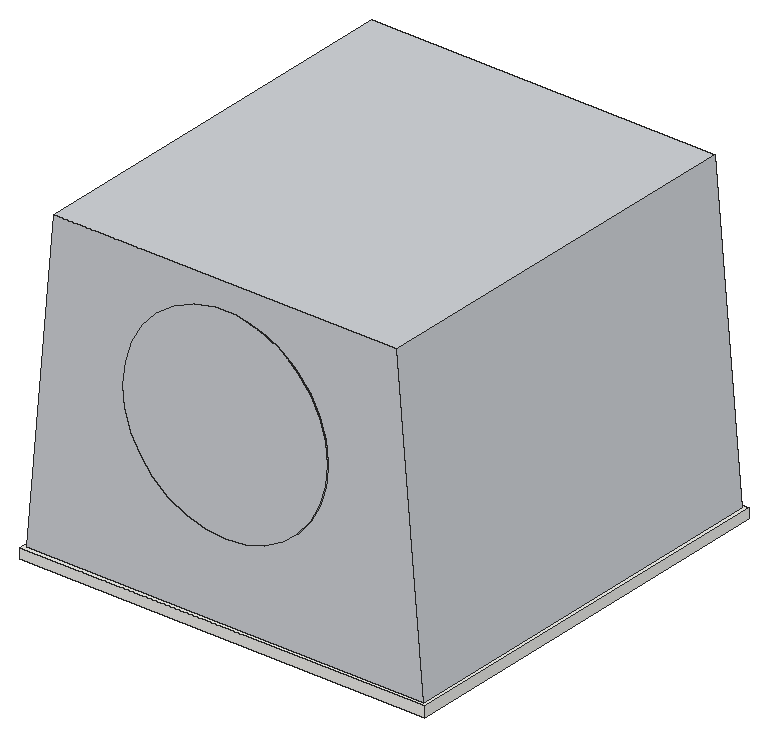
Revit family "MADEL_DIFFUSER_CONCAVE ELEMENTS_NEX-S+(BOXSTAR - BOXSTARS)– (1.D1)_0", category Air Terminals, Revit 2015 (continued)
Lines and regions (mm)
  symbolic lines, style "DuctTerminal", visible <- "V675", not visible
    curve 234: arc (156.385, 325.458, 0) -> (71.36, 317.353, 0) -> (49.895, 400.023, 0) r 65.83
    curve 235: arc (250, 402.418, 0) -> (178.732, 355.345, 0) -> (120.969, 418.261, 0) r 65.83
    curve 236: arc (250, 218.237, 0) -> (164.594, 219.064, 0) -> (151.888, 303.524, 0) r 65.83
    curve 237: line (-86.84, 416.854, 0) -> (-144.898, 404.516, 0)
    curve 238: line (-166.629, 322.175, 0) -> (-215.839, 288.986, 0)
    curve 239: line (-91.415, 238.793, 0) -> (-116.502, 185, 0)
    curve 240: line (-129.68, 375.344, 0) -> (-247.5, 320.404, 0)
    curve 241: line (-34.977, 385.105, 0) -> (-109.542, 278.615, 0)
    curve 242: line (-16.739, 314.031, 0) -> (-32.582, 185, 0)
    curve 243: line (-131.476, 283.112, 0) -> (-216.763, 185, 0)
    curve 244: line (-18.146, 521.84, 0) -> (-30.484, 579.898, 0)
    curve 245: line (-112.825, 601.629, 0) -> (-146.014, 650.839, 0)
    curve 246: line (-196.207, 526.415, 0) -> (-250, 551.502, 0)
    curve 247: line (-59.656, 564.68, 0) -> (-114.596, 682.5, 0)
    curve 248: line (-49.895, 469.977, 0) -> (-156.385, 544.542, 0)
    curve 249: line (-120.969, 451.739, 0) -> (-250, 467.582, 0)
    curve 250: line (-151.888, 566.476, 0) -> (-250, 651.763, 0)
    curve 251: line (86.84, 453.146, 0) -> (144.898, 465.484, 0)
    curve 252: line (166.629, 547.825, 0) -> (215.839, 581.014, 0)
    curve 253: line (91.415, 631.207, 0) -> (116.502, 685, 0)
    curve 254: line (129.68, 494.656, 0) -> (247.5, 549.596, 0)
    curve 255: line (34.977, 484.895, 0) -> (109.542, 591.385, 0)
    curve 256: line (16.739, 555.969, 0) -> (32.582, 685, 0)
    curve 257: line (131.476, 586.888, 0) -> (216.763, 685, 0)
    curve 258: line (18.146, 348.16, 0) -> (30.484, 290.102, 0)
    curve 259: line (112.825, 268.371, 0) -> (146.014, 219.161, 0)
    curve 260: line (196.207, 343.585, 0) -> (250, 318.498, 0)
    curve 261: line (59.656, 305.32, 0) -> (114.596, 187.5, 0)
    curve 262: line (49.895, 400.023, 0) -> (156.385, 325.458, 0)
    curve 263: line (120.969, 418.261, 0) -> (250, 402.418, 0)
    curve 264: line (151.888, 303.524, 0) -> (250, 218.237, 0)
Dimensions and locks
  equal spacing: plane 7, plane 2, plane 6
  "E": plane 7 to plane 6
  locked: plane 1 "Centro (Frontal/Posterior)" to plane 8 at 10
  equal spacing: plane 4, plane 3 "Centro (Izquierda/Derecha)", plane 5
  locked: plane 9 to plane 1 "Centro (Frontal/Posterior)" at 14
  "E": plane 4 to plane 5
  "D": diameter of Extrusion 2 sketch curve
  aligned and locked: Extrusion 1 to plane 8
  aligned and locked: Extrusion 1 to plane 1 "Centro (Frontal/Posterior)"
  aligned and locked: Extrusion 1 sketch curve to plane 4
  aligned and locked: plane 7 to Extrusion 1 sketch curve
  aligned and locked: plane 5 to Extrusion 1 sketch curve
  aligned and locked: Extrusion 1 sketch curve to plane 6
  aligned and locked: plane 1 "Centro (Frontal/Posterior)" to Extrusion 2
  aligned and locked: plane 9 to Extrusion 2
  aligned and locked: plane 3 "Centro (Izquierda/Derecha)" to Extrusion 2 sketch curve
  aligned and locked: plane 2 to Extrusion 2 sketch curve
  aligned and locked: plane 3 "Centro (Izquierda/Derecha)" to nested 1
  aligned and locked: plane 1 "Centro (Frontal/Posterior)" to nested 1
  aligned and locked: plane 3 "Centro (Izquierda/Derecha)" to nested 2
  aligned and locked: plane 2 to nested 2
  aligned and locked: nested 2 to plane 8
Automatic sketch dimensions
  curve 145 to curve 190 = 85.0 mm
  curve 194 to curve 162 = 0.0 mm
  curve 193 to curve 162 = 0.0 mm
  curve 193 to curve 184 = 2.5 mm
  curve 162 to curve 162 = 25.043 mm
  curve 156 to curve 187 = 30.737 mm
  curve 156 to curve 182 = 31.661 mm
  curve 162 to curve 166 = 42.218 mm
  curve 162 to curve 190 = 28.75 mm
  curve 154 to curve 154 = 27.057 mm
  curve 193 to curve 165 = 63.245 mm
  curve 154 to curve 156 = 4.597 mm
  curve 156 to curve 182 = 17.556 mm
  curve 187 to curve 159 = 50.51 mm
  curve 162 to curve 192 = 39.822 mm
  curve 164 to curve 194 = 4.498 mm
  curve 166 to curve 189 = 61.768 mm
  curve 165 to curve 181 = 41.856 mm
  curve 161 to curve 161 = 12.958 mm
  curve 182 to curve 187 = 35.153 mm
  curve 153 to curve 184 = 15.218 mm
  curve 181 to curve 193 = 23.929 mm
  curve 159 to curve 183 = 49.751 mm
  curve 153 to curve 153 = 29.941 mm
  curve 189 to curve 191 = 31.418 mm
  curve 161 to curve 189 = 20.23 mm
  curve 187 to curve 185 = 21.934 mm
  curve 165 to curve 164 = 11.85 mm
  curve 155 to curve 155 = 16.518 mm
  curve 161 to curve 163 = 16.253 mm
  curve 155 to curve 183 = 8.569 mm
  curve 153 to curve 181 = 28.118 mm
  curve 185 to curve 157 = 45.821 mm
  curve 161 to curve 191 = 53.17 mm
  curve 153 to curve 192 = 36.944 mm
  curve 181 to curve 185 = 51.862 mm
  curve 155 to curve 186 = 67.402 mm
  curve 163 to curve 188 = 29.172 mm
  curve 160 to curve 160 = 1.879 mm
  curve 160 to curve 188 = 10.459 mm
  curve 157 to curve 186 = 46.982 mm
  curve 158 to curve 158 = 18.267 mm
  curve 160 to curve 172 = 44.799 mm
  curve 160 to curve 200 = 45.344 mm
  curve 186 to curve 202 = 34.885 mm
  curve 174 to curve 174 = 10.459 mm
  curve 174 to curve 202 = 1.879 mm
  curve 172 to curve 200 = 18.267 mm
  curve 160 to curve 199 = 53.123 mm
  curve 202 to curve 206 = 31.75 mm
  curve 174 to curve 205 = 29.172 mm
  curve 172 to curve 171 = 46.982 mm
  curve 171 to curve 195 = 51.862 mm
  curve 172 to curve 197 = 77.1 mm
  curve 177 to curve 177 = 36.917 mm
  curve 197 to curve 169 = 8.569 mm
  curve 178 to curve 178 = 59.224 mm
  curve 169 to curve 199 = 18.127 mm
  curve 177 to curve 203 = 16.253 mm
  curve 177 to curve 205 = 18.023 mm
  curve 195 to curve 167 = 28.118 mm
  curve 169 to curve 197 = 16.518 mm
  curve 167 to curve 207 = 6.012 mm
  curve 167 to curve 198 = 14.723 mm
  curve 171 to curve 201 = 21.934 mm
  curve 175 to curve 175 = 20.23 mm
  curve 167 to curve 195 = 29.941 mm
  curve 175 to curve 203 = 12.958 mm
  curve 203 to curve 208 = 39.062 mm
  curve 208 to curve 206 = 4.498 mm
  curve 169 to curve 173 = 49.751 mm
  curve 173 to curve 196 = 35.153 mm
  curve 168 to curve 170 = 17.556 mm
  curve 167 to curve 179 = 41.856 mm
  curve 196 to curve 168 = 22.152 mm
  curve 178 to curve 204 = 39.822 mm
  curve 180 to curve 180 = 55.895 mm
  curve 168 to curve 196 = 27.057 mm
  curve 173 to curve 201 = 50.51 mm
  curve 204 to curve 176 = 28.75 mm
  curve 168 to curve 198 = 31.661 mm
  curve 176 to curve 204 = 25.043 mm
  curve 179 to curve 207 = 63.245 mm
  curve 180 to curve 208 = 42.218 mm
  curve 173 to curve 148 = 118.237 mm
  curve 146 to curve 187 = 85.0 mm
  curve 159 to curve 186 = 0.0 mm
  curve 183 to curve 186 = 0.0 mm
  curve 158 to curve 205 = 2.5 mm
  curve 155 to curve 155 = 25.043 mm
  curve 177 to curve 208 = 30.737 mm
  curve 177 to curve 203 = 31.661 mm
  curve 183 to curve 159 = 42.218 mm
  curve 175 to curve 175 = 27.057 mm
  curve 158 to curve 158 = 63.245 mm
  curve 177 to curve 175 = 17.556 mm
  curve 208 to curve 180 = 50.51 mm
  curve 185 to curve 187 = 4.498 mm
  curve 159 to curve 182 = 61.768 mm
  curve 202 to curve 177 = 15.218 mm
  curve 154 to curve 154 = 12.958 mm
  curve 180 to curve 204 = 49.751 mm
  curve 174 to curve 174 = 29.941 mm
  curve 182 to curve 184 = 31.418 mm
  curve 208 to curve 206 = 21.934 mm
  curve 158 to curve 157 = 11.85 mm
  curve 204 to curve 176 = 16.518 mm
  curve 154 to curve 156 = 16.253 mm
  curve 206 to curve 178 = 45.821 mm
  curve 176 to curve 207 = 67.402 mm
  curve 156 to curve 181 = 29.172 mm
  curve 153 to curve 153 = 1.879 mm
  curve 178 to curve 207 = 46.982 mm
  curve 181 to curve 165 = 44.799 mm
  curve 153 to curve 193 = 45.344 mm
  curve 207 to curve 195 = 34.885 mm
  curve 195 to curve 167 = 10.459 mm
  curve 153 to curve 192 = 53.123 mm
  curve 195 to curve 199 = 31.75 mm
  curve 195 to curve 198 = 29.172 mm
  curve 165 to curve 164 = 46.982 mm
  curve 164 to curve 188 = 51.862 mm
  curve 190 to curve 192 = 18.127 mm
  curve 198 to curve 170 = 36.917 mm
  curve 190 to curve 162 = 8.569 mm
  curve 199 to curve 171 = 59.224 mm
  curve 170 to curve 196 = 16.253 mm
  curve 188 to curve 160 = 28.118 mm
  curve 160 to curve 200 = 6.012 mm
  curve 191 to curve 188 = 15.218 mm
  curve 164 to curve 194 = 21.934 mm
  curve 196 to curve 168 = 20.23 mm
  curve 201 to curve 171 = 4.498 mm
  curve 162 to curve 166 = 49.751 mm
  curve 166 to curve 189 = 35.153 mm
  curve 161 to curve 163 = 17.556 mm
  curve 160 to curve 172 = 41.856 mm
  curve 189 to curve 161 = 22.152 mm
  curve 199 to curve 197 = 39.822 mm
  curve 201 to curve 173 = 55.895 mm
  curve 197 to curve 169 = 28.75 mm
  curve 173 to curve 145 = 85.0 mm
  curve 149 to curve 246 = 85.0 mm
  curve 250 to curve 218 = 0.0 mm
  curve 249 to curve 218 = 0.0 mm
  curve 249 to curve 240 = 2.5 mm
  curve 218 to curve 218 = 25.043 mm
  curve 212 to curve 243 = 30.737 mm
  curve 212 to curve 238 = 31.661 mm
  curve 218 to curve 222 = 42.218 mm
  curve 218 to curve 246 = 28.75 mm
  curve 210 to curve 210 = 27.057 mm
  curve 249 to curve 221 = 63.245 mm
  curve 210 to curve 212 = 4.597 mm
  curve 212 to curve 238 = 17.556 mm
  curve 243 to curve 215 = 50.51 mm
  curve 218 to curve 248 = 39.822 mm
  curve 220 to curve 250 = 4.498 mm
  curve 222 to curve 245 = 61.768 mm
  curve 221 to curve 237 = 41.856 mm
  curve 217 to curve 217 = 12.958 mm
  curve 238 to curve 243 = 35.153 mm
  curve 209 to curve 240 = 15.218 mm
  curve 237 to curve 249 = 23.929 mm
  curve 215 to curve 239 = 49.751 mm
  curve 209 to curve 209 = 29.941 mm
  curve 245 to curve 247 = 31.418 mm
  curve 217 to curve 245 = 20.23 mm
  curve 243 to curve 241 = 21.934 mm
  curve 221 to curve 220 = 11.85 mm
  curve 211 to curve 211 = 16.518 mm
  curve 217 to curve 219 = 16.253 mm
  curve 211 to curve 239 = 8.569 mm
  curve 209 to curve 237 = 28.118 mm
  curve 241 to curve 213 = 45.821 mm
  curve 217 to curve 247 = 53.17 mm
  curve 209 to curve 248 = 36.944 mm
  curve 237 to curve 241 = 51.862 mm
  curve 211 to curve 242 = 67.402 mm
  curve 219 to curve 244 = 29.172 mm
  curve 216 to curve 216 = 1.879 mm
  curve 216 to curve 244 = 10.459 mm
  curve 213 to curve 242 = 46.982 mm
  curve 214 to curve 214 = 18.267 mm
  curve 216 to curve 228 = 44.799 mm
  curve 216 to curve 256 = 45.344 mm
  curve 242 to curve 258 = 34.885 mm
  curve 230 to curve 230 = 10.459 mm
  curve 230 to curve 258 = 1.879 mm
  curve 228 to curve 256 = 18.267 mm
  curve 216 to curve 255 = 53.123 mm
  curve 258 to curve 262 = 31.75 mm
  curve 230 to curve 261 = 29.172 mm
  curve 228 to curve 227 = 46.982 mm
  curve 227 to curve 251 = 51.862 mm
  curve 228 to curve 253 = 77.1 mm
  curve 233 to curve 233 = 36.917 mm
  curve 253 to curve 225 = 8.569 mm
  curve 234 to curve 234 = 59.224 mm
  curve 225 to curve 255 = 18.127 mm
  curve 233 to curve 259 = 16.253 mm
  curve 233 to curve 261 = 18.023 mm
  curve 251 to curve 223 = 28.118 mm
  curve 225 to curve 253 = 16.518 mm
  curve 223 to curve 263 = 6.012 mm
  curve 223 to curve 254 = 14.723 mm
  curve 227 to curve 257 = 21.934 mm
  curve 231 to curve 231 = 20.23 mm
  curve 223 to curve 251 = 29.941 mm
  curve 231 to curve 259 = 12.958 mm
  curve 259 to curve 264 = 39.062 mm
  curve 264 to curve 262 = 4.498 mm
  curve 225 to curve 229 = 49.751 mm
  curve 229 to curve 252 = 35.153 mm
  curve 224 to curve 226 = 17.556 mm
  curve 223 to curve 235 = 41.856 mm
  curve 252 to curve 224 = 22.152 mm
  curve 234 to curve 260 = 39.822 mm
  curve 236 to curve 236 = 55.895 mm
  curve 224 to curve 252 = 27.057 mm
  curve 229 to curve 257 = 50.51 mm
  curve 260 to curve 232 = 28.75 mm
  curve 224 to curve 254 = 31.661 mm
  curve 232 to curve 260 = 25.043 mm
  curve 235 to curve 263 = 63.245 mm
  curve 236 to curve 264 = 42.218 mm
  curve 229 to curve 152 = 118.237 mm
  curve 150 to curve 243 = 85.0 mm
  curve 215 to curve 242 = 0.0 mm
  curve 239 to curve 242 = 0.0 mm
  curve 214 to curve 261 = 2.5 mm
  curve 211 to curve 211 = 25.043 mm
  curve 233 to curve 264 = 30.737 mm
  curve 233 to curve 259 = 31.661 mm
  curve 239 to curve 215 = 42.218 mm
  curve 231 to curve 231 = 27.057 mm
  curve 214 to curve 214 = 63.245 mm
  curve 233 to curve 231 = 17.556 mm
  curve 264 to curve 236 = 50.51 mm
  curve 241 to curve 243 = 4.498 mm
  curve 215 to curve 238 = 61.768 mm
  curve 258 to curve 233 = 15.218 mm
  curve 210 to curve 210 = 12.958 mm
  curve 236 to curve 260 = 49.751 mm
  curve 230 to curve 230 = 29.941 mm
  curve 238 to curve 240 = 31.418 mm
  curve 264 to curve 262 = 21.934 mm
  curve 214 to curve 213 = 11.85 mm
  curve 260 to curve 232 = 16.518 mm
  curve 210 to curve 212 = 16.253 mm
  curve 262 to curve 234 = 45.821 mm
  curve 232 to curve 263 = 67.402 mm
  curve 212 to curve 237 = 29.172 mm
  curve 209 to curve 209 = 1.879 mm
  curve 234 to curve 263 = 46.982 mm
  curve 237 to curve 221 = 44.799 mm
  curve 209 to curve 249 = 45.344 mm
  curve 263 to curve 251 = 34.885 mm
  curve 251 to curve 223 = 10.459 mm
  curve 209 to curve 248 = 53.123 mm
  curve 251 to curve 255 = 31.75 mm
  curve 251 to curve 254 = 29.172 mm
  curve 221 to curve 220 = 46.982 mm
  curve 220 to curve 244 = 51.862 mm
  curve 246 to curve 248 = 18.127 mm
  curve 254 to curve 226 = 36.917 mm
  curve 246 to curve 218 = 8.569 mm
  curve 255 to curve 227 = 59.224 mm
  curve 226 to curve 252 = 16.253 mm
  curve 244 to curve 216 = 28.118 mm
  curve 216 to curve 256 = 6.012 mm
  curve 247 to curve 244 = 15.218 mm
  curve 220 to curve 250 = 21.934 mm
  curve 252 to curve 224 = 20.23 mm
  curve 257 to curve 227 = 4.498 mm
  curve 218 to curve 222 = 49.751 mm
  curve 222 to curve 245 = 35.153 mm
  curve 217 to curve 219 = 17.556 mm
  curve 216 to curve 228 = 41.856 mm
  curve 245 to curve 217 = 22.152 mm
  curve 255 to curve 253 = 39.822 mm
  curve 257 to curve 229 = 55.895 mm
  curve 253 to curve 225 = 28.75 mm
  curve 229 to curve 149 = 85.0 mm
  curve 137 to curve 302 = 60.0 mm
  curve 306 to curve 302 = 0.0 mm
  curve 305 to curve 274 = 0.0 mm
  curve 305 to curve 296 = 2.5 mm
  curve 302 to curve 274 = 25.043 mm
  curve 138 to curve 299 = 93.237 mm
  curve 268 to curve 294 = 31.661 mm
  curve 302 to curve 278 = 42.218 mm
  curve 274 to curve 302 = 28.75 mm
  curve 294 to curve 266 = 27.057 mm
  curve 277 to curve 277 = 63.245 mm
  curve 266 to curve 268 = 4.597 mm
  curve 268 to curve 294 = 17.556 mm
  curve 271 to curve 271 = 50.51 mm
  curve 274 to curve 304 = 39.822 mm
  curve 276 to curve 306 = 4.498 mm
  curve 278 to curve 301 = 61.768 mm
  curve 277 to curve 293 = 41.856 mm
  curve 301 to curve 273 = 12.958 mm
  curve 294 to curve 299 = 35.153 mm
  curve 265 to curve 296 = 15.218 mm
  curve 293 to curve 305 = 23.929 mm
  curve 271 to curve 295 = 49.751 mm
  curve 265 to curve 265 = 29.941 mm
  curve 301 to curve 303 = 31.418 mm
  curve 273 to curve 301 = 20.23 mm
  curve 299 to curve 297 = 21.934 mm
  curve 305 to curve 276 = 11.85 mm
  curve 267 to curve 267 = 16.518 mm
  curve 273 to curve 275 = 16.253 mm
  curve 267 to curve 295 = 8.569 mm
  curve 265 to curve 293 = 28.118 mm
  curve 269 to curve 269 = 45.821 mm
  curve 273 to curve 303 = 53.17 mm
  curve 265 to curve 304 = 36.944 mm
  curve 293 to curve 297 = 51.862 mm
  curve 267 to curve 298 = 67.402 mm
  curve 275 to curve 300 = 29.172 mm
  curve 272 to curve 272 = 1.879 mm
  curve 272 to curve 300 = 10.459 mm
  curve 269 to curve 298 = 46.982 mm
  curve 270 to curve 270 = 18.267 mm
  curve 272 to curve 284 = 44.799 mm
  curve 272 to curve 312 = 45.344 mm
  curve 298 to curve 314 = 34.885 mm
  curve 314 to curve 286 = 10.459 mm
  curve 286 to curve 314 = 1.879 mm
  curve 284 to curve 312 = 18.267 mm
  curve 272 to curve 311 = 53.123 mm
  curve 314 to curve 318 = 31.75 mm
  curve 286 to curve 317 = 29.172 mm
  curve 284 to curve 283 = 46.982 mm
  curve 283 to curve 307 = 51.862 mm
  curve 284 to curve 309 = 77.1 mm
  curve 289 to curve 289 = 36.917 mm
  curve 309 to curve 281 = 8.569 mm
  curve 290 to curve 290 = 59.224 mm
  curve 281 to curve 311 = 18.127 mm
  curve 289 to curve 315 = 16.253 mm
  curve 289 to curve 317 = 18.023 mm
  curve 307 to curve 279 = 28.118 mm
  curve 281 to curve 309 = 16.518 mm
  curve 279 to curve 319 = 6.012 mm
  curve 279 to curve 310 = 14.723 mm
  curve 283 to curve 313 = 21.934 mm
  curve 315 to curve 287 = 20.23 mm
  curve 279 to curve 307 = 29.941 mm
  curve 287 to curve 315 = 12.958 mm
  curve 315 to curve 320 = 39.062 mm
  curve 320 to curve 318 = 4.498 mm
  curve 281 to curve 285 = 49.751 mm
  curve 285 to curve 308 = 35.153 mm
  curve 280 to curve 282 = 17.556 mm
  curve 279 to curve 291 = 41.856 mm
  curve 308 to curve 280 = 22.152 mm
  curve 290 to curve 316 = 39.822 mm
  curve 292 to curve 292 = 55.895 mm
  curve 280 to curve 308 = 27.057 mm
  curve 285 to curve 313 = 50.51 mm
  curve 316 to curve 288 = 28.75 mm
  curve 280 to curve 310 = 31.661 mm
  curve 288 to curve 316 = 25.043 mm
  curve 291 to curve 319 = 63.245 mm
  curve 292 to curve 320 = 42.218 mm
  curve 313 to curve 140 = 93.237 mm
  curve 138 to curve 299 = 60.0 mm
  curve 271 to curve 298 = 0.0 mm
  curve 295 to curve 298 = 0.0 mm
  curve 270 to curve 317 = 2.5 mm
  curve 267 to curve 267 = 25.043 mm
  curve 140 to curve 320 = 93.237 mm
  curve 289 to curve 315 = 31.661 mm
  curve 295 to curve 271 = 42.218 mm
  curve 315 to curve 287 = 27.057 mm
  curve 270 to curve 270 = 63.245 mm
  curve 289 to curve 287 = 17.556 mm
  curve 320 to curve 292 = 50.51 mm
  curve 297 to curve 299 = 4.498 mm
  curve 271 to curve 294 = 61.768 mm
  curve 314 to curve 289 = 15.218 mm
  curve 294 to curve 266 = 12.958 mm
  curve 292 to curve 316 = 49.751 mm
  curve 286 to curve 286 = 29.941 mm
  curve 294 to curve 296 = 31.418 mm
  curve 320 to curve 318 = 21.934 mm
  curve 270 to curve 269 = 11.85 mm
  curve 316 to curve 288 = 16.518 mm
  curve 266 to curve 268 = 16.253 mm
  curve 290 to curve 290 = 45.821 mm
  curve 288 to curve 319 = 67.402 mm
  curve 268 to curve 293 = 29.172 mm
  curve 265 to curve 265 = 1.879 mm
  curve 290 to curve 319 = 46.982 mm
  curve 293 to curve 277 = 44.799 mm
  curve 265 to curve 305 = 45.344 mm
  curve 319 to curve 307 = 34.885 mm
  curve 307 to curve 279 = 10.459 mm
  curve 265 to curve 304 = 53.123 mm
  curve 307 to curve 311 = 31.75 mm
  curve 307 to curve 310 = 29.172 mm
  curve 305 to curve 276 = 46.982 mm
  curve 276 to curve 300 = 51.862 mm
  curve 302 to curve 304 = 18.127 mm
  curve 310 to curve 282 = 36.917 mm
  curve 302 to curve 274 = 8.569 mm
  curve 311 to curve 283 = 59.224 mm
  curve 282 to curve 308 = 16.253 mm
  curve 300 to curve 272 = 28.118 mm
  curve 272 to curve 312 = 6.012 mm
  curve 303 to curve 300 = 15.218 mm
  curve 276 to curve 306 = 21.934 mm
  curve 308 to curve 280 = 20.23 mm
  curve 313 to curve 283 = 4.498 mm
  curve 302 to curve 278 = 49.751 mm
  curve 278 to curve 301 = 35.153 mm
  curve 273 to curve 275 = 17.556 mm
  curve 272 to curve 284 = 41.856 mm
  curve 273 to curve 273 = 22.152 mm
  curve 311 to curve 309 = 39.822 mm
  curve 313 to curve 285 = 55.895 mm
  curve 309 to curve 281 = 28.75 mm
  curve 313 to curve 137 = 60.0 mm
  curve 141 to curve 358 = 60.0 mm
  curve 362 to curve 358 = 0.0 mm
  curve 361 to curve 330 = 0.0 mm
  curve 361 to curve 352 = 2.5 mm
  curve 358 to curve 330 = 25.043 mm
  curve 142 to curve 355 = 93.237 mm
  curve 324 to curve 350 = 31.661 mm
  curve 358 to curve 334 = 42.218 mm
  curve 330 to curve 358 = 28.75 mm
  curve 350 to curve 322 = 27.057 mm
  curve 333 to curve 333 = 63.245 mm
  curve 322 to curve 324 = 4.597 mm
  curve 324 to curve 350 = 17.556 mm
  curve 327 to curve 327 = 50.51 mm
  curve 330 to curve 360 = 39.822 mm
  curve 332 to curve 362 = 4.498 mm
  curve 334 to curve 357 = 61.768 mm
  curve 333 to curve 349 = 41.856 mm
  curve 357 to curve 329 = 12.958 mm
  curve 350 to curve 355 = 35.153 mm
  curve 321 to curve 352 = 15.218 mm
  curve 349 to curve 361 = 23.929 mm
  curve 327 to curve 351 = 49.751 mm
  curve 321 to curve 321 = 29.941 mm
  curve 357 to curve 359 = 31.418 mm
  curve 329 to curve 357 = 20.23 mm
  curve 355 to curve 353 = 21.934 mm
  curve 361 to curve 332 = 11.85 mm
  curve 323 to curve 323 = 16.518 mm
  curve 329 to curve 331 = 16.253 mm
  curve 323 to curve 351 = 8.569 mm
  curve 321 to curve 349 = 28.118 mm
  curve 325 to curve 325 = 45.821 mm
  curve 329 to curve 359 = 53.17 mm
  curve 321 to curve 360 = 36.944 mm
  curve 349 to curve 353 = 51.862 mm
  curve 323 to curve 354 = 67.402 mm
  curve 331 to curve 356 = 29.172 mm
  curve 328 to curve 328 = 1.879 mm
  curve 328 to curve 356 = 10.459 mm
  curve 325 to curve 354 = 46.982 mm
  curve 326 to curve 326 = 18.267 mm
  curve 328 to curve 340 = 44.799 mm
  curve 328 to curve 368 = 45.344 mm
  curve 354 to curve 370 = 34.885 mm
  curve 370 to curve 342 = 10.459 mm
  curve 342 to curve 370 = 1.879 mm
  curve 340 to curve 368 = 18.267 mm
  curve 328 to curve 367 = 53.123 mm
  curve 370 to curve 374 = 31.75 mm
  curve 342 to curve 373 = 29.172 mm
  curve 340 to curve 339 = 46.982 mm
  curve 339 to curve 363 = 51.862 mm
  curve 340 to curve 365 = 77.1 mm
  curve 345 to curve 345 = 36.917 mm
  curve 365 to curve 337 = 8.569 mm
  curve 346 to curve 346 = 59.224 mm
  curve 337 to curve 367 = 18.127 mm
  curve 345 to curve 371 = 16.253 mm
  curve 345 to curve 373 = 18.023 mm
  curve 363 to curve 335 = 28.118 mm
  curve 337 to curve 365 = 16.518 mm
  curve 335 to curve 375 = 6.012 mm
  curve 335 to curve 366 = 14.723 mm
  curve 339 to curve 369 = 21.934 mm
  curve 371 to curve 343 = 20.23 mm
  curve 335 to curve 363 = 29.941 mm
  curve 343 to curve 371 = 12.958 mm
  curve 371 to curve 376 = 39.062 mm
  curve 376 to curve 374 = 4.498 mm
  curve 337 to curve 341 = 49.751 mm
  curve 341 to curve 364 = 35.153 mm
  curve 336 to curve 338 = 17.556 mm
  curve 335 to curve 347 = 41.856 mm
  curve 364 to curve 336 = 22.152 mm
  curve 346 to curve 372 = 39.822 mm
  curve 348 to curve 348 = 55.895 mm
  curve 336 to curve 364 = 27.057 mm
  curve 341 to curve 369 = 50.51 mm
  curve 372 to curve 344 = 28.75 mm
  curve 336 to curve 366 = 31.661 mm
  curve 344 to curve 372 = 25.043 mm
  curve 347 to curve 375 = 63.245 mm
  curve 348 to curve 376 = 42.218 mm
  curve 369 to curve 144 = 93.237 mm
  curve 142 to curve 355 = 60.0 mm
  curve 327 to curve 354 = 0.0 mm
  curve 351 to curve 354 = 0.0 mm
  curve 326 to curve 373 = 2.5 mm
  curve 323 to curve 323 = 25.043 mm
  curve 144 to curve 376 = 93.237 mm
  curve 345 to curve 371 = 31.661 mm
  curve 351 to curve 327 = 42.218 mm
  curve 371 to curve 343 = 27.057 mm
  curve 326 to curve 326 = 63.245 mm
  curve 345 to curve 343 = 17.556 mm
  curve 376 to curve 348 = 50.51 mm
  curve 353 to curve 355 = 4.498 mm
  curve 327 to curve 350 = 61.768 mm
  curve 370 to curve 345 = 15.218 mm
  curve 350 to curve 322 = 12.958 mm
  curve 348 to curve 372 = 49.751 mm
  curve 342 to curve 342 = 29.941 mm
  curve 350 to curve 352 = 31.418 mm
  curve 376 to curve 374 = 21.934 mm
  curve 326 to curve 325 = 11.85 mm
  curve 372 to curve 344 = 16.518 mm
  curve 322 to curve 324 = 16.253 mm
  curve 346 to curve 346 = 45.821 mm
  curve 344 to curve 375 = 67.402 mm
  curve 324 to curve 349 = 29.172 mm
  curve 321 to curve 321 = 1.879 mm
  curve 346 to curve 375 = 46.982 mm
  curve 349 to curve 333 = 44.799 mm
  curve 321 to curve 361 = 45.344 mm
  curve 375 to curve 363 = 34.885 mm
  curve 363 to curve 335 = 10.459 mm
  curve 321 to curve 360 = 53.123 mm
  curve 363 to curve 367 = 31.75 mm
  curve 363 to curve 366 = 29.172 mm
  curve 361 to curve 332 = 46.982 mm
  curve 332 to curve 356 = 51.862 mm
  curve 358 to curve 360 = 18.127 mm
  curve 366 to curve 338 = 36.917 mm
  curve 358 to curve 330 = 8.569 mm
  curve 367 to curve 339 = 59.224 mm
  curve 338 to curve 364 = 16.253 mm
  curve 356 to curve 328 = 28.118 mm
  curve 328 to curve 368 = 6.012 mm
  curve 359 to curve 356 = 15.218 mm
  curve 332 to curve 362 = 21.934 mm
  curve 364 to curve 336 = 20.23 mm
  curve 369 to curve 339 = 4.498 mm
  curve 358 to curve 334 = 49.751 mm
  curve 334 to curve 357 = 35.153 mm
  curve 329 to curve 331 = 17.556 mm
  curve 328 to curve 340 = 41.856 mm
  curve 329 to curve 329 = 22.152 mm
  curve 367 to curve 365 = 39.822 mm
  curve 369 to curve 341 = 55.895 mm
  curve 365 to curve 337 = 28.75 mm
  curve 369 to curve 141 = 60.0 mm
  curve 10 to curve 405 = 24.947 mm
  curve 9 to curve 414 = 25.886 mm
  curve 387 to curve 417 = 1.359 mm
  curve 387 to curve 387 = 20.341 mm
  curve 390 to curve 415 = 23.79 mm
  curve 405 to curve 378 = 29.991 mm
  curve 10 to curve 406 = 55.916 mm
  curve 379 to curve 407 = 12.373 mm
  curve 387 to curve 414 = 25.85 mm
  curve 406 to curve 409 = 23.393 mm
  curve 388 to curve 388 = 29.03 mm
  curve 406 to curve 379 = 25.609 mm
  curve 378 to curve 405 = 28.499 mm
  curve 388 to curve 390 = 4.806 mm
  curve 387 to curve 413 = 17.664 mm
  curve 407 to curve 380 = 22.051 mm
  curve 379 to curve 406 = 19.995 mm
  curve 413 to curve 386 = 15.626 mm
  curve 380 to curve 407 = 15.225 mm
  curve 388 to curve 415 = 29.978 mm
  curve 386 to curve 413 = 22.365 mm
  curve 406 to curve 382 = 39.128 mm
  curve 386 to curve 416 = 21.252 mm
  curve 415 to curve 417 = 39.517 mm
  curve 390 to curve 411 = 13.437 mm
  curve 407 to curve 410 = 62.379 mm
  curve 386 to curve 389 = 45.154 mm
  curve 384 to curve 384 = 23.893 mm
  curve 384 to curve 409 = 4.545 mm
  curve 383 to curve 383 = 31.825 mm
  curve 409 to curve 404 = 10.644 mm
  curve 377 to curve 410 = 9.9 mm
  curve 416 to curve 412 = 63.321 mm
  curve 385 to curve 385 = 0.728 mm
  curve 384 to curve 416 = 27.879 mm
  curve 384 to curve 411 = 28.119 mm
  curve 404 to curve 377 = 18.142 mm
  curve 385 to curve 412 = 9.372 mm
  curve 383 to curve 408 = 25.746 mm
  curve 377 to curve 404 = 10.455 mm
  curve 383 to curve 408 = 32.159 mm
  curve 381 to curve 381 = 1.153 mm
  curve 385 to curve 395 = 39.513 mm
  curve 395 to curve 422 = 1.153 mm
  curve 384 to curve 418 = 49.313 mm
  curve 395 to curve 422 = 7.567 mm
  curve 381 to curve 426 = 39.513 mm
  curve 418 to curve 391 = 10.455 mm
  curve 391 to curve 425 = 15.667 mm
  curve 398 to curve 430 = 0.24 mm
  curve 399 to curve 399 = 9.372 mm
  curve 399 to curve 426 = 0.728 mm
  curve 391 to curve 424 = 8.242 mm
  curve 397 to curve 418 = 9.9 mm
  curve 395 to curve 397 = 33.312 mm
  curve 391 to curve 423 = 39.241 mm
  curve 425 to curve 398 = 28.119 mm
  curve 403 to curve 403 = 41.883 mm
  curve 422 to curve 424 = 57.571 mm
  curve 398 to curve 425 = 23.893 mm
  curve 398 to curve 431 = 13.437 mm
  curve 403 to curve 430 = 23.902 mm
  curve 391 to curve 396 = 61.432 mm
  curve 403 to curve 427 = 21.252 mm
  curve 431 to curve 429 = 39.517 mm
  curve 397 to curve 421 = 62.379 mm
  curve 427 to curve 400 = 22.365 mm
  curve 394 to curve 420 = 4.045 mm
  curve 421 to curve 394 = 15.225 mm
  curve 400 to curve 427 = 15.626 mm
  curve 402 to curve 432 = 25.171 mm
  curve 429 to curve 419 = 26.607 mm
  curve 420 to curve 393 = 19.995 mm
  curve 402 to curve 402 = 29.978 mm
  curve 393 to curve 423 = 22.21 mm
  curve 400 to curve 428 = 33.291 mm
  curve 394 to curve 421 = 22.051 mm
  curve 393 to curve 420 = 25.609 mm
  curve 419 to curve 392 = 28.499 mm
  curve 402 to curve 429 = 29.03 mm
  curve 428 to curve 401 = 25.85 mm
  curve 429 to curve 431 = 23.79 mm
  curve 401 to curve 428 = 20.341 mm
  curve 392 to curve 419 = 29.991 mm
  curve 394 to curve 12 = 68.289 mm
  curve 11 to curve 426 = 24.947 mm
  curve 10 to curve 407 = 25.886 mm
  curve 380 to curve 410 = 1.359 mm
  curve 380 to curve 380 = 20.341 mm
  curve 383 to curve 408 = 23.79 mm
  curve 399 to curve 399 = 29.991 mm
  curve 12 to curve 427 = 55.916 mm
  curve 400 to curve 428 = 12.373 mm
  curve 427 to curve 430 = 23.393 mm
  curve 408 to curve 381 = 29.03 mm
  curve 427 to curve 400 = 25.609 mm
  curve 381 to curve 383 = 4.806 mm
  curve 380 to curve 406 = 17.664 mm
  curve 428 to curve 401 = 22.051 mm
  curve 406 to curve 379 = 15.626 mm
  curve 400 to curve 403 = 39.128 mm
  curve 379 to curve 409 = 21.252 mm
  curve 383 to curve 404 = 13.437 mm
  curve 428 to curve 431 = 62.379 mm
  curve 406 to curve 382 = 45.154 mm
  curve 404 to curve 377 = 23.893 mm
  curve 432 to curve 432 = 31.825 mm
  curve 425 to curve 432 = 9.9 mm
  curve 409 to curve 405 = 63.321 mm
  curve 405 to curve 378 = 0.728 mm
  curve 398 to curve 398 = 18.142 mm
  curve 432 to curve 429 = 25.746 mm
  curve 432 to curve 429 = 32.159 mm
  curve 378 to curve 388 = 39.513 mm
  curve 388 to curve 415 = 1.153 mm
  curve 377 to curve 411 = 49.313 mm
  curve 402 to curve 419 = 39.513 mm
  curve 411 to curve 384 = 10.455 mm
  curve 425 to curve 418 = 49.313 mm
  curve 391 to curve 423 = 0.24 mm
  curve 419 to curve 392 = 9.372 mm
  curve 417 to curve 384 = 9.9 mm
  curve 388 to curve 390 = 33.312 mm
  curve 384 to curve 416 = 39.241 mm
  curve 418 to curve 391 = 28.119 mm
  curve 396 to curve 391 = 9.889 mm
  curve 418 to curve 424 = 13.437 mm
  curve 411 to curve 389 = 61.432 mm
  curve 396 to curve 420 = 21.252 mm
  curve 424 to curve 422 = 39.517 mm
  curve 390 to curve 414 = 62.379 mm
  curve 420 to curve 393 = 22.365 mm
  curve 413 to curve 389 = 22.21 mm
  curve 414 to curve 387 = 15.225 mm
  curve 395 to curve 397 = 25.171 mm
  curve 422 to curve 412 = 26.607 mm
  curve 413 to curve 386 = 19.995 mm
  curve 395 to curve 395 = 29.978 mm
  curve 393 to curve 421 = 33.291 mm
  curve 412 to curve 385 = 28.499 mm
  curve 421 to curve 394 = 25.85 mm
  curve 387 to curve 10 = 68.289 mm
  curve 14 to curve 461 = 24.947 mm
  curve 13 to curve 470 = 25.886 mm
  curve 443 to curve 473 = 1.359 mm
  curve 443 to curve 443 = 20.341 mm
  curve 446 to curve 471 = 23.79 mm
  curve 461 to curve 434 = 29.991 mm
  curve 14 to curve 462 = 55.916 mm
  curve 435 to curve 463 = 12.373 mm
  curve 443 to curve 470 = 25.85 mm
  curve 462 to curve 465 = 23.393 mm
  curve 444 to curve 444 = 29.03 mm
  curve 462 to curve 435 = 25.609 mm
  curve 434 to curve 461 = 28.499 mm
  curve 444 to curve 446 = 4.806 mm
  curve 443 to curve 469 = 17.664 mm
  curve 463 to curve 436 = 22.051 mm
  curve 435 to curve 462 = 19.995 mm
  curve 469 to curve 442 = 15.626 mm
  curve 436 to curve 463 = 15.225 mm
  curve 444 to curve 471 = 29.978 mm
  curve 442 to curve 469 = 22.365 mm
  curve 462 to curve 438 = 39.128 mm
  curve 442 to curve 472 = 21.252 mm
  curve 471 to curve 473 = 39.517 mm
  curve 446 to curve 467 = 13.437 mm
  curve 463 to curve 466 = 62.379 mm
  curve 442 to curve 445 = 45.154 mm
  curve 440 to curve 440 = 23.893 mm
  curve 440 to curve 465 = 4.545 mm
  curve 439 to curve 439 = 31.825 mm
  curve 465 to curve 460 = 10.644 mm
  curve 433 to curve 466 = 9.9 mm
  curve 472 to curve 468 = 63.321 mm
  curve 441 to curve 441 = 0.728 mm
  curve 440 to curve 472 = 27.879 mm
  curve 440 to curve 467 = 28.119 mm
  curve 460 to curve 433 = 18.142 mm
  curve 441 to curve 468 = 9.372 mm
  curve 439 to curve 464 = 25.746 mm
  curve 433 to curve 460 = 10.455 mm
  curve 439 to curve 464 = 32.159 mm
  curve 437 to curve 437 = 1.153 mm
  curve 441 to curve 451 = 39.513 mm
  curve 451 to curve 478 = 1.153 mm
  curve 440 to curve 474 = 49.313 mm
  curve 451 to curve 478 = 7.567 mm
  curve 437 to curve 482 = 39.513 mm
  curve 474 to curve 447 = 10.455 mm
  curve 447 to curve 481 = 15.667 mm
  curve 454 to curve 486 = 0.24 mm
  curve 455 to curve 455 = 9.372 mm
  curve 455 to curve 482 = 0.728 mm
  curve 447 to curve 480 = 8.242 mm
  curve 453 to curve 474 = 9.9 mm
  curve 451 to curve 453 = 33.312 mm
  curve 447 to curve 479 = 39.241 mm
  curve 481 to curve 454 = 28.119 mm
  curve 459 to curve 459 = 41.883 mm
  curve 478 to curve 480 = 57.571 mm
  curve 454 to curve 481 = 23.893 mm
  curve 454 to curve 487 = 13.437 mm
  curve 459 to curve 486 = 23.902 mm
  curve 447 to curve 452 = 61.432 mm
  curve 459 to curve 483 = 21.252 mm
  curve 487 to curve 485 = 39.517 mm
  curve 453 to curve 477 = 62.379 mm
  curve 483 to curve 456 = 22.365 mm
  curve 450 to curve 476 = 4.045 mm
  curve 477 to curve 450 = 15.225 mm
  curve 456 to curve 483 = 15.626 mm
  curve 458 to curve 488 = 25.171 mm
  curve 485 to curve 475 = 26.607 mm
  curve 476 to curve 449 = 19.995 mm
  curve 458 to curve 458 = 29.978 mm
  curve 449 to curve 479 = 22.21 mm
  curve 456 to curve 484 = 33.291 mm
  curve 450 to curve 477 = 22.051 mm
  curve 449 to curve 476 = 25.609 mm
  curve 475 to curve 448 = 28.499 mm
  curve 458 to curve 485 = 29.03 mm
  curve 484 to curve 457 = 25.85 mm
  curve 485 to curve 487 = 23.79 mm
  curve 457 to curve 484 = 20.341 mm
  curve 448 to curve 475 = 29.991 mm
  curve 450 to curve 16 = 68.289 mm
  curve 15 to curve 482 = 24.947 mm
  curve 14 to curve 463 = 25.886 mm
  curve 436 to curve 466 = 1.359 mm
  curve 436 to curve 436 = 20.341 mm
  curve 439 to curve 464 = 23.79 mm
  curve 455 to curve 455 = 29.991 mm
  curve 16 to curve 483 = 55.916 mm
  curve 456 to curve 484 = 12.373 mm
  curve 483 to curve 486 = 23.393 mm
  curve 464 to curve 437 = 29.03 mm
  curve 483 to curve 456 = 25.609 mm
  curve 437 to curve 439 = 4.806 mm
  curve 436 to curve 462 = 17.664 mm
  curve 484 to curve 457 = 22.051 mm
  curve 462 to curve 435 = 15.626 mm
  curve 456 to curve 459 = 39.128 mm
  curve 435 to curve 465 = 21.252 mm
  curve 439 to curve 460 = 13.437 mm
  curve 484 to curve 487 = 62.379 mm
  curve 462 to curve 438 = 45.154 mm
  curve 460 to curve 433 = 23.893 mm
  curve 488 to curve 488 = 31.825 mm
  curve 481 to curve 488 = 9.9 mm
  curve 465 to curve 461 = 63.321 mm
  curve 461 to curve 434 = 0.728 mm
  curve 454 to curve 454 = 18.142 mm
  curve 488 to curve 485 = 25.746 mm
  curve 488 to curve 485 = 32.159 mm
  curve 434 to curve 444 = 39.513 mm
  curve 444 to curve 471 = 1.153 mm
  curve 433 to curve 467 = 49.313 mm
  curve 458 to curve 475 = 39.513 mm
  curve 467 to curve 440 = 10.455 mm
  curve 481 to curve 474 = 49.313 mm
  curve 447 to curve 479 = 0.24 mm
  curve 475 to curve 448 = 9.372 mm
  curve 473 to curve 440 = 9.9 mm
  curve 444 to curve 446 = 33.312 mm
  curve 440 to curve 472 = 39.241 mm
  curve 474 to curve 447 = 28.119 mm
  curve 452 to curve 447 = 9.889 mm
  curve 474 to curve 480 = 13.437 mm
  curve 467 to curve 445 = 61.432 mm
  curve 452 to curve 476 = 21.252 mm
  curve 480 to curve 478 = 39.517 mm
  curve 446 to curve 470 = 62.379 mm
  curve 476 to curve 449 = 22.365 mm
  curve 469 to curve 445 = 22.21 mm
  curve 470 to curve 443 = 15.225 mm
  curve 451 to curve 453 = 25.171 mm
  curve 478 to curve 468 = 26.607 mm
  curve 469 to curve 442 = 19.995 mm
  curve 451 to curve 451 = 29.978 mm
  curve 449 to curve 477 = 33.291 mm
  curve 468 to curve 441 = 28.499 mm
  curve 477 to curve 450 = 25.85 mm
  curve 443 to curve 14 = 68.289 mm
  curve 1 to curve 530 = 28.114 mm
  curve 1 to curve 529 = 29.499 mm
  curve 2 to curve 519 = 32.645 mm
  curve 519 to curve 517 = 4.027 mm
  curve 2 to curve 522 = 49.09 mm
  curve 501 to curve 501 = 20.031 mm
  curve 530 to curve 502 = 27.654 mm
  curve 519 to curve 491 = 27.99 mm
  curve 517 to curve 489 = 29.953 mm
  curve 522 to curve 494 = 22.333 mm
  curve 501 to curve 529 = 25.635 mm
  curve 529 to curve 528 = 2.101 mm
  curve 491 to curve 519 = 23.671 mm
  curve 502 to curve 530 = 29.836 mm
  curve 494 to curve 522 = 15.584 mm
  curve 530 to curve 527 = 6.443 mm
  curve 499 to curve 517 = 2.769 mm
  curve 500 to curve 500 = 21.431 mm
  curve 501 to curve 526 = 29.683 mm
  curve 522 to curve 521 = 22.541 mm
  curve 498 to curve 498 = 10.795 mm
  curve 499 to curve 499 = 29.218 mm
  curve 519 to curve 518 = 38.232 mm
  curve 500 to curve 528 = 26.587 mm
  curve 521 to curve 493 = 20.993 mm
  curve 498 to curve 526 = 18.43 mm
  curve 500 to curve 525 = 16.908 mm
  curve 490 to curve 521 = 21.9 mm
  curve 518 to curve 490 = 26.466 mm
  curve 499 to curve 527 = 29.937 mm
  curve 493 to curve 523 = 44.818 mm
  curve 525 to curve 497 = 14.126 mm
  curve 498 to curve 524 = 49.021 mm
  curve 523 to curve 495 = 11.63 mm
  curve 496 to curve 496 = 1.67 mm
  curve 495 to curve 523 = 3.134 mm
  curve 490 to curve 518 = 21.249 mm
  curve 496 to curve 524 = 10.262 mm
  curve 497 to curve 525 = 21.177 mm
  curve 523 to curve 520 = 19.639 mm
  curve 518 to curve 520 = 23.396 mm
  curve 520 to curve 492 = 1.278 mm
  curve 496 to curve 506 = 22.708 mm
  curve 506 to curve 534 = 1.938 mm
  curve 496 to curve 534 = 29.512 mm
  curve 520 to curve 539 = 23.855 mm
  curve 492 to curve 538 = 29.635 mm
  curve 506 to curve 532 = 23.504 mm
  curve 534 to curve 537 = 19.762 mm
  curve 510 to curve 510 = 10.262 mm
  curve 537 to curve 509 = 3.134 mm
  curve 510 to curve 538 = 1.67 mm
  curve 539 to curve 511 = 21.177 mm
  curve 509 to curve 537 = 11.63 mm
  curve 504 to curve 541 = 19.051 mm
  curve 532 to curve 504 = 21.249 mm
  curve 504 to curve 535 = 4.566 mm
  curve 511 to curve 539 = 14.126 mm
  curve 510 to curve 540 = 32.261 mm
  curve 535 to curve 507 = 13.897 mm
  curve 511 to curve 542 = 16.908 mm
  curve 507 to curve 532 = 21.9 mm
  curve 513 to curve 513 = 29.937 mm
  curve 512 to curve 512 = 18.43 mm
  curve 507 to curve 535 = 20.993 mm
  curve 512 to curve 540 = 10.795 mm
  curve 542 to curve 514 = 26.587 mm
  curve 513 to curve 531 = 26.45 mm
  curve 503 to curve 541 = 2.769 mm
  curve 535 to curve 536 = 22.541 mm
  curve 541 to curve 544 = 6.443 mm
  curve 504 to curve 533 = 38.232 mm
  curve 514 to curve 542 = 21.431 mm
  curve 542 to curve 543 = 2.101 mm
  curve 536 to curve 508 = 15.584 mm
  curve 531 to curve 503 = 28.19 mm
  curve 533 to curve 505 = 23.671 mm
  curve 516 to curve 516 = 29.836 mm
  curve 515 to curve 515 = 25.635 mm
  curve 508 to curve 536 = 22.333 mm
  curve 503 to curve 531 = 29.953 mm
  curve 505 to curve 533 = 27.99 mm
  curve 515 to curve 543 = 20.031 mm
  curve 516 to curve 544 = 27.654 mm
  curve 508 to curve 4 = 49.09 mm
  curve 2 to curve 523 = 28.114 mm
  curve 2 to curve 522 = 29.499 mm
  curve 3 to curve 540 = 32.645 mm
  curve 540 to curve 538 = 4.027 mm
  curve 3 to curve 543 = 49.09 mm
  curve 522 to curve 494 = 20.031 mm
  curve 523 to curve 495 = 27.654 mm
  curve 540 to curve 512 = 27.99 mm
  curve 538 to curve 510 = 29.953 mm
  curve 515 to curve 515 = 22.333 mm
  curve 522 to curve 521 = 2.101 mm
  curve 523 to curve 520 = 4.954 mm
  curve 521 to curve 493 = 21.431 mm
  curve 494 to curve 519 = 29.683 mm
  curve 543 to curve 542 = 22.541 mm
  curve 519 to curve 491 = 10.795 mm
  curve 492 to curve 492 = 29.361 mm
  curve 540 to curve 539 = 38.232 mm
  curve 514 to curve 514 = 20.993 mm
  curve 493 to curve 518 = 16.908 mm
  curve 539 to curve 511 = 26.466 mm
  curve 514 to curve 544 = 44.818 mm
  curve 518 to curve 490 = 14.126 mm
  curve 491 to curve 517 = 49.021 mm
  curve 516 to curve 516 = 11.63 mm
  curve 517 to curve 489 = 1.67 mm
  curve 544 to curve 541 = 19.762 mm
  curve 539 to curve 541 = 23.504 mm
  curve 489 to curve 499 = 22.708 mm
  curve 499 to curve 527 = 1.938 mm
  curve 541 to curve 532 = 23.747 mm
  curve 513 to curve 531 = 29.512 mm
  curve 499 to curve 525 = 23.504 mm
  curve 527 to curve 530 = 19.762 mm
  curve 531 to curve 503 = 10.262 mm
  curve 530 to curve 502 = 3.134 mm
  curve 532 to curve 504 = 21.177 mm
  curve 497 to curve 534 = 19.051 mm
  curve 525 to curve 497 = 21.249 mm
  curve 528 to curve 497 = 21.9 mm
  curve 503 to curve 533 = 32.261 mm
  curve 528 to curve 500 = 13.897 mm
  curve 532 to curve 535 = 16.908 mm
  curve 534 to curve 506 = 29.937 mm
  curve 533 to curve 505 = 18.43 mm
  curve 535 to curve 507 = 26.587 mm
  curve 524 to curve 534 = 2.769 mm
  curve 500 to curve 529 = 22.541 mm
  curve 534 to curve 537 = 6.443 mm
  curve 497 to curve 526 = 38.232 mm
  curve 535 to curve 536 = 2.101 mm
  curve 529 to curve 501 = 15.584 mm
  curve 496 to curve 496 = 28.19 mm
  curve 526 to curve 498 = 23.671 mm
  curve 537 to curve 509 = 29.836 mm
  curve 536 to curve 508 = 25.635 mm
  curve 508 to curve 1 = 29.499 mm
  curve 5 to curve 586 = 28.114 mm
  curve 5 to curve 585 = 29.499 mm
  curve 6 to curve 575 = 32.645 mm
  curve 575 to curve 573 = 4.027 mm
  curve 6 to curve 578 = 49.09 mm
  curve 557 to curve 557 = 20.031 mm
  curve 586 to curve 558 = 27.654 mm
  curve 575 to curve 547 = 27.99 mm
  curve 573 to curve 545 = 29.953 mm
  curve 578 to curve 550 = 22.333 mm
  curve 557 to curve 585 = 25.635 mm
  curve 585 to curve 584 = 2.101 mm
  curve 547 to curve 575 = 23.671 mm
  curve 558 to curve 586 = 29.836 mm
  curve 550 to curve 578 = 15.584 mm
  curve 586 to curve 583 = 6.443 mm
  curve 555 to curve 573 = 2.769 mm
  curve 556 to curve 556 = 21.431 mm
  curve 557 to curve 582 = 29.683 mm
  curve 578 to curve 577 = 22.541 mm
  curve 554 to curve 554 = 10.795 mm
  curve 555 to curve 555 = 29.218 mm
  curve 575 to curve 574 = 38.232 mm
  curve 556 to curve 584 = 26.587 mm
  curve 577 to curve 549 = 20.993 mm
  curve 554 to curve 582 = 18.43 mm
  curve 556 to curve 581 = 16.908 mm
  curve 546 to curve 577 = 21.9 mm
  curve 574 to curve 546 = 26.466 mm
  curve 555 to curve 583 = 29.937 mm
  curve 549 to curve 579 = 44.818 mm
  curve 581 to curve 553 = 14.126 mm
  curve 554 to curve 580 = 49.021 mm
  curve 579 to curve 551 = 11.63 mm
  curve 552 to curve 552 = 1.67 mm
  curve 551 to curve 579 = 3.134 mm
  curve 546 to curve 574 = 21.249 mm
  curve 552 to curve 580 = 10.262 mm
  curve 553 to curve 581 = 21.177 mm
  curve 579 to curve 576 = 19.639 mm
  curve 574 to curve 576 = 23.396 mm
  curve 576 to curve 548 = 1.278 mm
  curve 552 to curve 562 = 22.708 mm
  curve 562 to curve 590 = 1.938 mm
  curve 552 to curve 590 = 29.512 mm
  curve 576 to curve 595 = 23.855 mm
  curve 548 to curve 594 = 29.635 mm
  curve 562 to curve 588 = 23.504 mm
  curve 590 to curve 593 = 19.762 mm
  curve 566 to curve 566 = 10.262 mm
  curve 593 to curve 565 = 3.134 mm
  curve 566 to curve 594 = 1.67 mm
  curve 595 to curve 567 = 21.177 mm
  curve 565 to curve 593 = 11.63 mm
  curve 560 to curve 597 = 19.051 mm
  curve 588 to curve 560 = 21.249 mm
  curve 560 to curve 591 = 4.566 mm
  curve 567 to curve 595 = 14.126 mm
  curve 566 to curve 596 = 32.261 mm
  curve 591 to curve 563 = 13.897 mm
  curve 567 to curve 598 = 16.908 mm
  curve 563 to curve 588 = 21.9 mm
  curve 569 to curve 569 = 29.937 mm
  curve 568 to curve 568 = 18.43 mm
  curve 563 to curve 591 = 20.993 mm
  curve 568 to curve 596 = 10.795 mm
  curve 598 to curve 570 = 26.587 mm
  curve 569 to curve 587 = 26.45 mm
  curve 559 to curve 597 = 2.769 mm
  curve 591 to curve 592 = 22.541 mm
  curve 597 to curve 600 = 6.443 mm
  curve 560 to curve 589 = 38.232 mm
  curve 570 to curve 598 = 21.431 mm
  curve 598 to curve 599 = 2.101 mm
  curve 592 to curve 564 = 15.584 mm
  curve 587 to curve 559 = 28.19 mm
  curve 589 to curve 561 = 23.671 mm
  curve 572 to curve 572 = 29.836 mm
  curve 571 to curve 571 = 25.635 mm
  curve 564 to curve 592 = 22.333 mm
  curve 559 to curve 587 = 29.953 mm
  curve 561 to curve 589 = 27.99 mm
  curve 571 to curve 599 = 20.031 mm
  curve 572 to curve 600 = 27.654 mm
  curve 564 to curve 8 = 49.09 mm
  curve 6 to curve 579 = 28.114 mm
  curve 6 to curve 578 = 29.499 mm
  curve 7 to curve 596 = 32.645 mm
  curve 596 to curve 594 = 4.027 mm
  curve 7 to curve 599 = 49.09 mm
  curve 578 to curve 550 = 20.031 mm
  curve 579 to curve 551 = 27.654 mm
  curve 596 to curve 568 = 27.99 mm
  curve 594 to curve 566 = 29.953 mm
  curve 571 to curve 571 = 22.333 mm
  curve 578 to curve 577 = 2.101 mm
  curve 579 to curve 576 = 4.954 mm
  curve 577 to curve 549 = 21.431 mm
  curve 550 to curve 575 = 29.683 mm
  curve 599 to curve 598 = 22.541 mm
  curve 575 to curve 547 = 10.795 mm
  curve 548 to curve 548 = 29.361 mm
  curve 596 to curve 595 = 38.232 mm
  curve 570 to curve 570 = 20.993 mm
  curve 549 to curve 574 = 16.908 mm
  curve 595 to curve 567 = 26.466 mm
  curve 570 to curve 600 = 44.818 mm
  curve 574 to curve 546 = 14.126 mm
  curve 547 to curve 573 = 49.021 mm
  curve 572 to curve 572 = 11.63 mm
  curve 573 to curve 545 = 1.67 mm
  curve 600 to curve 597 = 19.762 mm
  curve 595 to curve 597 = 23.504 mm
  curve 545 to curve 555 = 22.708 mm
  curve 555 to curve 583 = 1.938 mm
  curve 597 to curve 588 = 23.747 mm
  curve 569 to curve 587 = 29.512 mm
  curve 555 to curve 581 = 23.504 mm
  curve 583 to curve 586 = 19.762 mm
  curve 587 to curve 559 = 10.262 mm
  curve 586 to curve 558 = 3.134 mm
  curve 588 to curve 560 = 21.177 mm
  curve 553 to curve 590 = 19.051 mm
  curve 581 to curve 553 = 21.249 mm
  curve 584 to curve 553 = 21.9 mm
  curve 559 to curve 589 = 32.261 mm
  curve 584 to curve 556 = 13.897 mm
  curve 588 to curve 591 = 16.908 mm
  curve 590 to curve 562 = 29.937 mm
  curve 589 to curve 561 = 18.43 mm
  curve 591 to curve 563 = 26.587 mm
  curve 580 to curve 590 = 2.769 mm
  curve 556 to curve 585 = 22.541 mm
  curve 590 to curve 593 = 6.443 mm
  curve 553 to curve 582 = 38.232 mm
  curve 591 to curve 592 = 2.101 mm
  curve 585 to curve 557 = 15.584 mm
  curve 552 to curve 552 = 28.19 mm
  curve 582 to curve 554 = 23.671 mm
  curve 593 to curve 565 = 29.836 mm
  curve 592 to curve 564 = 25.635 mm
  curve 564 to curve 5 = 29.499 mm
Nested families
  nested 1: "Plenum_BOXSTAR-BOXSTARS (1.D1)" at (0, 435, 0) x (-1, 0, 0) z (0, 0, 1), type <- "Plenum Box", BOXSTAR <- "BOXSTAR", type "400"
    with H 175.0 mm, BOXSTAR/S no, BOXSTAR yes, B1 193.75 mm, B 300.0 mm, An 180.00°
  nested 2: "(R) NEX-S" at (0, 435, -10), type <- "Diffuser grill", type "400", detail levels medium+fine
Connectors
  hvac at (0, 242.25, 175), driven by "DPt", driven by "Q", driven by "D_Connector"
    settings: on nested 1, index 1, duct flow 303.912 m³/h, flow factor 0, pres drop 19.2133 Pa, loss coef 0, conn angle 0.00°, conn width 304.8 mm, conn height 304.8 mm, conn diameter 200 mm, duct sys type 1, conn prof type 0, flow config 1, flow direction 1, loss method 4, conn ref index -1, conn util no, is conn primary yes, conn desc ""
Definition of nested family "Plenum_BOXSTAR-BOXSTARS (1.D1)"
  Parameters (values of type "825")
    URL = "http://www.madel.com/product-category/difusion/accesorios/"
    Nº Conexiones = 1  # constant formula
    Model = "BOXSTAR -BOXSTAR/S"  # constant formula
    Material Plenum = none
    H [instance] = if(and(BOXSTAR, A = 287.5 mm), 175.0 mm, if(and(BOXSTAR, A = 300.5 mm), 175.0 mm, if(and(BOXSTAR, A = 387.5 mm), 175.0 mm, if(and(BOXSTAR, A = 487.5 mm), 175.0 mm, if(and(BOXSTAR, A = 587.5 mm), 200.0 mm, if(and(BOXSTAR, A = 612.5 mm), 200.0 mm, if(and(BOXSTAR, A = 662.5 mm), 200.0 mm, if(and(BOXSTAR, A = 787.5 mm), 200.0 mm, if(and(BOXSTAR, A = 812.5 mm), 250.0 mm, 1.0 mm)))))))))  # 250.0 mm
    D1 = D_Conector - 2.0 mm  # 313.0 mm
    BOXSTAR/S [instance] = if(not(BOXSTAR), 1 = 1, 1 = 0)  # no
    BOXSTAR [instance] = yes
    B1 [instance] = if(BOXSTAR, A / 2, B - H)  # 406.25 mm
    IfcExportType = "IfcAirTerminalBoxType"  # constant formula
    IfcExportAs = "IfcAirTerminalBoxType"  # constant formula
    Manufacturer = "MADEL"  # constant formula
    Description = "Plenum de conexión latera/superiorl"  # constant formula
    D_Conector = 315.0 mm
    Type Comments = "Plenum piramidal apilable con conexión circular lateral/superior. Construido en acero galvanizado."  # constant formula
    B [instance] = if(BOXSTAR, if(A = 287.5 mm, 250.0 mm, if(A = 300.5 mm, 250.0 mm, if(A = 387.5 mm, 300.0 mm, if(A = 487.5 mm, 300.0 mm, if(A = 587.5 mm, 350.0 mm, if(A = 612.5 mm, 350.0 mm, if(A = 662.5 mm, 350.0 mm, if(A = 787.5 mm, 415.0 mm, if(A = 812.5 mm, 415.0 mm, 1.0 mm))))))))), if([BOXSTAR/S], 197.0 mm, 1.0 mm))  # 415.0 mm
    An [instance] = if(BOXSTAR, 180.00°, 90.00°)  # 180.00°
    A = 812.5 mm
  Types (9, lengths in mm): name | H | D1 | BOXSTAR/S | BOXSTAR | B1 | D_Conector | B | An | A
    600 | 200.0 | 248.0 | no | yes | 293.75 | 250.0 | 350.0 | 180.00° | 587.5
    800 | 200.0 | 313.0 | no | yes | 393.75 | 315.0 | 415.0 | 180.00° | 787.5
    500 | 175.0 | 198.0 | no | yes | 243.75 | 200.0 | 300.0 | 180.00° | 487.5
    400 | 175.0 | 198.0 | no | yes | 193.75 | 200.0 | 300.0 | 180.00° | 387.5
    300 | 1.0 | 123.0 | yes | no | 196.0 | 125.0 | 197.0 | 90.00° | 287.5
    310 | 175.0 | 123.0 | no | yes | 150.25 | 125.0 | 250.0 | 180.00° | 300.5
    625 | 200.0 | 248.0 | no | yes | 306.25 | 250.0 | 350.0 | 180.00° | 612.5
    675 | 200.0 | 248.0 | no | yes | 331.25 | 250.0 | 350.0 | 180.00° | 662.5
    825 | 250.0 | 313.0 | no | yes | 406.25 | 315.0 | 415.0 | 180.00° | 812.5
  Reference planes
    plane 1 "Centro (Frontal/Posterior)": y = 0
    plane 2: z = 0
    plane 3 "Centro (Izquierda/Derecha)": x = 0
    plane 4: y = 406.25
    plane 5: y = -406.25
    plane 6: z = 250
    plane 7: x = 406.25
    plane 8: x = -406.25
    plane 9: z = 415
  Forms (mm)
    Extrusion 1, solid, material <- "Material Plenum"
      sketch origin (0, 0, 263.347) x (-1, 0, 0) y (0, 0, -1)
        loop
          line (406.25, 263.347) -> (-406.25, 263.347) -> (-369.942, -151.653) -> (369.942, -151.653) -> (406.25, 263.347)
      from -406.25 to 406.25
    Extrusion 2, solid, material <- "Material Plenum"
      sketch origin (0, 406.25, 250) x (1, 0, 0) y (0, 0, -1)
        loop
          circle (0, 0) r 157.5
      from -1 to 0
  Lines and regions (mm)
    reference lines
      curve 1: line (0, 0, 250) -> (0, 406.25, 250)
  Dimensions and locks
    equal spacing: plane 5, plane 1 "Centro (Frontal/Posterior)", plane 4
    "A": plane 5 to plane 4
    "A": plane 7 to plane 8
    "B": plane 9 to plane 2
    equal spacing: plane 7, plane 3 "Centro (Izquierda/Derecha)", plane 8
    "H": plane 6 to plane 2
    "B1": curve 1 to curve 1
    "D_Conector": diameter of Extrusion 2 sketch curve
    angle Extrusion 1 sketch curve to Extrusion 1 sketch curve = 85.00°  (x2)
    "An": angle curve 1 to plane 6
    aligned and locked: level to plane 2
    aligned and locked: plane 7 to Extrusion 1 sketch curve
    aligned and locked: plane 8 to Extrusion 1 sketch curve
    aligned and locked: plane 4 to Extrusion 1
    aligned and locked: plane 5 to Extrusion 1
    aligned and locked: plane 1 "Centro (Frontal/Posterior)" to curve 1
    aligned and locked: plane 6 to curve 1
  Automatic sketch dimensions
    Extrusion 1 sketch curve to plane 9 = 0.0 mm
    Extrusion 1 sketch curve to level = 0.0 mm
    Extrusion 2 sketch curve to plane 3 "Centro (Izquierda/Derecha)" = 0.0 mm
    Extrusion 2 sketch curve to plane 6 = 0.0 mm
Definition of nested family "(R) NEX-S"
  Parameters (values of type "675")
    V625 = no
    V600 = no
    V500 = no
    V400 = no
    Material Difusor = none
    Material Aletas = none
    V675 = yes
  Types (6, lengths in mm): name | V625 | V600 | V500 | V400 | V675
    (no name) | no | no | no | no | yes
    600 | no | yes | no | no | no
    400 | no | no | no | yes | no
    500 | no | no | yes | no | no
    675 | no | no | no | no | yes
    625 | yes | no | no | no | no
  Reference planes
    plane 1 "Centro (Frontal/Posterior)": y = 0
    plane 2: z = 0
    plane 3 "Centro (Izquierda/Derecha)": x = 0
    plane 4: z = 10
    plane 5: z = 30
  Dimensions and locks
    locked: plane 4 to plane 2 at 10
    locked: plane 5 to plane 4 at 20
    aligned and locked: level to plane 2
    aligned and locked: plane 3 "Centro (Izquierda/Derecha)" to nested 4
    aligned and locked: plane 1 "Centro (Frontal/Posterior)" to nested 4
    aligned and locked: plane 3 "Centro (Izquierda/Derecha)" to nested 2
    aligned and locked: plane 3 "Centro (Izquierda/Derecha)" to nested 1
    aligned and locked: plane 3 "Centro (Izquierda/Derecha)" to nested 3
    aligned and locked: plane 3 "Centro (Izquierda/Derecha)" to nested 5
    aligned and locked: plane 1 "Centro (Frontal/Posterior)" to nested 2
    aligned and locked: plane 1 "Centro (Frontal/Posterior)" to nested 5
    aligned and locked: plane 1 "Centro (Frontal/Posterior)" to nested 1
    aligned and locked: plane 1 "Centro (Frontal/Posterior)" to nested 3
  Nested families
    nested 1: "(R) NEX-S 675" at (0, 0, 0), visible <- "V675", type "675", detail levels medium+fine
    nested 2: "(R) NEX-S 625" at (0, 0, 0), visible <- "V625", type "625", detail levels medium+fine
    nested 3: "(R) NEX-S 500" at (0, 0, 0), visible <- "V500", type "500", detail levels medium+fine
    nested 4: "(R) NEX-S 400" at (0, 0, 0), visible <- "V400", type "400", detail levels medium+fine
    nested 5: "(R) NEX-S 600" at (0, 0, 0), visible <- "V600", type "600", detail levels medium+fine
  Definition of nested family "(R) NEX-S 675"
    Parameters (values of type "675")
      Material Rejilla = none
      Material Aletas = none
      E = 670.0 mm
    Reference planes
      plane 1 "Centro (Frontal/Posterior)": y = 0
      plane 2: z = 0
      plane 3 "Centro (Izquierda/Derecha)": x = 0
      plane 4: y = 335
      plane 5: y = -335
      plane 6: x = 335
      plane 7: x = -335
